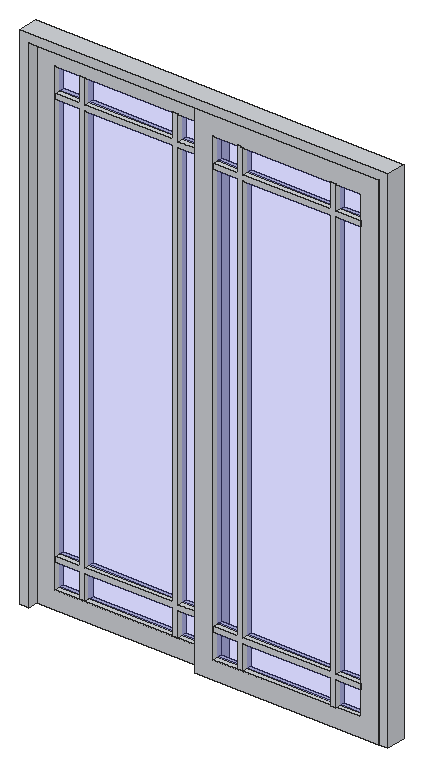
Revit family "双扇推拉门2", category 门, Revit 2018
Family settings
  主体 = 墙
  总是垂直 = 是
  加载时剪切的空心 = 否
  共享 = 否
  房间计算点 = 否
Parameters (values of type "1500 x 2100 mm")
  Visual Light Transmittance = 0.9
  Solar Heat Gain Coefficient = 0.78
  Rough Height = 高度  # 2100 mm
  构造类型 ID = ""
  传热系数(U) = 3.6886 W/(m²·K)
  玻璃 = none
  Rough Width = 宽度  # 1500 mm
  门嵌板材质 = none
  门扇顶梁宽度 = 75 mm
  功能 = 内部
  框架宽度 = 35 mm
  高度 = 2100 mm
  墙闭合 = 按主体
  宽度 = 1500 mm
  框架厚度 = 80 mm
  门扇侧边宽度 = 75 mm
  框架材质 = none
  门扇底梁宽度 = 75 mm
  分析构造 = 1/8 英寸 Pilkington 单层玻璃
Types (5, lengths in mm): name | 宽度
  (no name) | 1500
  1500 x 2100 mm | 1500
  1800 x 2100mm | 1800
  2100 x 2100mm | 2100
  2400 x 2100mm | 2400
Reference planes
  plane 1: y = 0
  plane 2 "中心(左/右)": x = 0
  plane 3 "左": x = -750
  plane 4 "右": x = 750
  plane 5: z = 2100
  plane 6 "外部": y = 75
  plane 7 "内部": y = -75
  plane 8: x = -715
  plane 9: x = 715
  plane 10: x = 640
  plane 11: x = -640
  plane 12: z = 2065
  plane 13: z = 1990
  plane 14: y = 40
  plane 15: y = -40
  plane 16: y = -20
  plane 17: y = 20
  plane 18: x = 37.5
  plane 19: x = -37.5
  plane 20: z = 75
  plane 21: z = 1879
  plane 22: z = 186
  plane 23: x = 529
  plane 24: x = 148.5
  plane 25: z = 1879
  plane 26: x = -148.5
  plane 27: x = -529
  plane 28: z = 186
  plane 29: y = 40
  plane 30: y = -40
  plane 31: x = -40
  plane 32: x = 40
  plane 33: z = 1032.5
  plane 34: x = 338.75
  plane 35: x = -338.75
Forms (mm)
  Sweep 1, solid, material <- "框架材质"
    path origin (0, 0, 0) x (1, 0, 0) y (0, 0, 1)
      loop
        line (750, 0) -> (750, 2100) -> (-750, 2100) -> (-750, 0)
    profile origin (0, 0, 1050) x (-1, 0, 0) y (0, -1, 0)
      loop
        line (-750, -40) -> (-715, -40) -> (-715, 40) -> (-750, 40) -> (-750, -40)
  Extrusion 2, solid, material <- "门嵌板材质"
    sketch origin (0, 0, 0) x (1, 0, 0) y (0, 0, 1)
      loop
        line (37.5, 2065) -> (-37.5, 2065) -> (-37.5, 0) -> (37.5, 0) -> (37.5, 2065)
      loop
        line (-640, 2065) -> (-715, 2065) -> (-715, 0) -> (-640, 0) -> (-640, 2065)
    from 0 to -40
  Extrusion 3, solid, material <- "门嵌板材质"
    sketch origin (0, 0, 0) x (1, 0, 0) y (0, 0, 1)
      loop
        line (-37.5, 2065) -> (-640, 2065) -> (-640, 1990) -> (-37.5, 1990) -> (-37.5, 2065)
      loop
        line (-37.5, 75) -> (-640, 75) -> (-640, 0) -> (-37.5, 0) -> (-37.5, 75)
    from 0 to -40
  Extrusion 4, solid, material <- "门嵌板材质"
    sketch origin (0, 0, 0) x (1, 0, 0) y (0, 0, 1)
      loop
        line (715, 2065) -> (640, 2065) -> (640, 0) -> (715, 0) -> (715, 2065)
      loop
        line (37.5, 2065) -> (-37.5, 2065) -> (-37.5, 0) -> (37.5, 0) -> (37.5, 2065)
    from 0 to 40
  Extrusion 5, solid, material <- "门嵌板材质"
    sketch origin (0, 0, 0) x (1, 0, 0) y (0, 0, 1)
      loop
        line (640, 2065) -> (37.5, 2065) -> (37.5, 1990) -> (640, 1990) -> (640, 2065)
      loop
        line (640, 75) -> (37.5, 75) -> (37.5, 0) -> (640, 0) -> (640, 75)
    from 0 to 40
  Extrusion 6, solid, material <- "门嵌板材质"
    sketch origin (0, -20, 0) x (1, 0, 0) y (0, 0, 1)
      loop
        line (640, 175) -> (640, 197) -> (540, 197) -> (540, 1868) -> (640, 1868) -> (640, 1890) -> (540, 1890) -> (540, 1990) -> (518, 1990) -> (518, 1890) -> (159.5, 1890) -> (159.5, 1990) -> (137.5, 1990) -> (137.5, 1890) -> (37.5, 1890) -> (37.5, 1868) -> (137.5, 1868) -> (137.5, 197) -> (37.5, 197) -> (37.5, 175) -> (137.5, 175) -> (137.5, 75) -> (159.5, 75) -> (159.5, 175) -> (518, 175) -> (518, 75) -> (540, 75) -> (540, 175) -> (640, 175)
      loop
        line (518, 1868) -> (159.5, 1868) -> (159.5, 197) -> (518, 197) -> (518, 1868)
    from -20 to 20
  Extrusion 7, solid, material <- "门嵌板材质"
    sketch origin (0, 0, 0) x (1, 0, 0) y (0, 0, 1)
      loop
        line (-159.5, 1990) -> (-159.5, 1890) -> (-518, 1890) -> (-518, 1990) -> (-540, 1990) -> (-540, 1890) -> (-640, 1890) -> (-640, 1868) -> (-540, 1868) -> (-540, 197) -> (-640, 197) -> (-640, 175) -> (-540, 175) -> (-540, 75) -> (-518, 75) -> (-518, 175) -> (-159.5, 175) -> (-159.5, 75) -> (-137.5, 75) -> (-137.5, 175) -> (-37.5, 175) -> (-37.5, 197) -> (-137.5, 197) -> (-137.5, 1868) -> (-37.5, 1868) -> (-37.5, 1890) -> (-137.5, 1890) -> (-137.5, 1990) -> (-159.5, 1990)
      loop
        line (-159.5, 197) -> (-159.5, 1868) -> (-518, 1868) -> (-518, 197) -> (-159.5, 197)
    from 0 to -40
  Extrusion 8, solid, material <- "玻璃"
    sketch origin (0, 20, 0) x (-1, 0, 0) y (0, 0, 1)
      loop
        line (37.5, 1990) -> (37.5, 1890) -> (137.5, 1890) -> (137.5, 1990) -> (37.5, 1990)
      loop
        line (159.5, 1990) -> (159.5, 1890) -> (518, 1890) -> (518, 1990) -> (159.5, 1990)
      loop
        line (540, 1990) -> (540, 1890) -> (640, 1890) -> (640, 1990) -> (540, 1990)
      loop
        line (37.5, 1868) -> (37.5, 197) -> (137.5, 197) -> (137.5, 1868) -> (37.5, 1868)
      loop
        line (159.5, 1868) -> (159.5, 197) -> (518, 197) -> (518, 1868) -> (159.5, 1868)
      loop
        line (540, 1868) -> (540, 197) -> (640, 197) -> (640, 1868) -> (540, 1868)
      loop
        line (37.5, 175) -> (37.5, 75) -> (137.5, 75) -> (137.5, 175) -> (37.5, 175)
      loop
        line (159.5, 175) -> (159.5, 75) -> (518, 75) -> (518, 175) -> (159.5, 175)
      loop
        line (540, 175) -> (540, 75) -> (640, 75) -> (640, 175) -> (540, 175)
    from -3 to 3
  Extrusion 9, solid, material <- "玻璃"
    sketch origin (0, -20, 0) x (1, 0, 0) y (0, 0, 1)
      loop
        line (640, 1990) -> (540, 1990) -> (540, 1890) -> (640, 1890) -> (640, 1990)
      loop
        line (518, 1990) -> (159.5, 1990) -> (159.5, 1890) -> (518, 1890) -> (518, 1990)
      loop
        line (137.5, 1990) -> (37.5, 1990) -> (37.5, 1890) -> (137.5, 1890) -> (137.5, 1990)
      loop
        line (137.5, 1868) -> (37.5, 1868) -> (37.5, 197) -> (137.5, 197) -> (137.5, 1868)
      loop
        line (518, 1868) -> (159.5, 1868) -> (159.5, 197) -> (518, 197) -> (518, 1868)
      loop
        line (640, 1868) -> (540, 1868) -> (540, 197) -> (640, 197) -> (640, 1868)
      loop
        line (640, 175) -> (540, 175) -> (540, 75) -> (640, 75) -> (640, 175)
      loop
        line (518, 175) -> (159.5, 175) -> (159.5, 75) -> (518, 75) -> (518, 175)
      loop
        line (137.5, 175) -> (37.5, 175) -> (37.5, 75) -> (137.5, 75) -> (137.5, 175)
    from -3 to 3
Cuts and joins
  joined: Extrusion 4, Extrusion 5
  joined: Extrusion 2, Extrusion 3
Lines and regions (mm)
  Opening 1
    outline origin (-3050, -75, 0) x (1, 0, 0) y (0, 0, 1)
      loop
        line (2300, 0) -> (3800, 0) -> (3800, 2100) -> (2300, 2100) -> (2300, 0)
  Masking region 1
    outline origin (0, 0, 0) x (1, 0, 0) y (0, 1, 0)
      loop
        line (-750, 40) -> (-750, 0) -> (-40, 0) -> (-40, -40) -> (750, -40) -> (750, 0) -> (40, 0) -> (40, 40) -> (-750, 40)
  Masking region 2
    outline origin (0, 0, 0) x (0, 1, 0) y (0, 0, 1)
      loop
        line (-75, 2100) -> (-75, 0) -> (75, 0) -> (75, 2100) -> (-75, 2100)
  symbolic lines, style "立面打开方向 - 实线"
    curve 1: line (488.75, 0, 1032.5) -> (188.75, 0, 1032.5)
    curve 2: line (188.75, 0, 1032.5) -> (282.719, 0, 1066.702)
    curve 3: line (188.75, 0, 1032.5) -> (282.719, 0, 998.298)
    curve 17: line (-488.75, 0, 1032.5) -> (-188.75, 0, 1032.5)
    curve 18: line (-188.75, 0, 1032.5) -> (-282.719, 0, 1066.702)
    curve 19: line (-188.75, 0, 1032.5) -> (-282.719, 0, 998.298)
  symbolic lines, style "平/剖面打开方向 - 实线"
    curve 4: line (-750, 40, 0) -> (40, 40, 0)
    curve 5: line (-750, 0, 0) -> (-750, 40, 0)
    curve 6: line (750, 0, 0) -> (-750, 0, 0)
    curve 7: line (40, 40, 0) -> (40, 0, 0)
    curve 8: line (-40, -40, 0) -> (-40, 0, 0)
    curve 9: line (750, -40, 0) -> (-40, -40, 0)
    curve 10: line (750, 0, 0) -> (750, -40, 0)
    curve 11: line (0, -75, 2100) -> (0, 75, 2100)
    curve 12: line (0, -75, 0) -> (0, -75, 2100)
    curve 13: line (0, 75, 0) -> (0, -75, 0)
    curve 14: line (0, 75, 2100) -> (0, 75, 0)
    curve 15: line (0, -20, 2100) -> (0, -20, 0)
    curve 16: line (0, 20, 0) -> (0, 20, 2100)
  symbolic lines, style "InvisibleLines"
    curve 20: line (0, -20, 2100) -> (0, -20, 0)
Text (mm)
  text "Exterior" at (-2295.016, 1099.543, 0), in view "参照标高"
  text "Exterior" at (0, 1615.38, 3698.081), in view "左"
  text "Exterior" at (0, 1036.032, 3874.932), in view "右"
Dimensions and locks
  equal spacing: plane 3 "左", plane 2 "中心(左/右)", plane 4 "右"
  "宽度": plane 3 "左" to plane 4 "右"
  "高度": plane 5 to host wall
  host wall to plane 5 = 2100 mm  (x2)
  locked: plane 6 "外部" to host wall at 0
  locked: plane 7 "内部" to host wall
  "门扇侧边宽度": plane 11 to plane 8
  "门扇侧边宽度": plane 9 to plane 10
  "框架宽度": plane 5 to plane 12
  "门扇顶梁宽度": plane 12 to plane 13
  "框架宽度": plane 3 "左" to plane 8
  equal spacing: plane 15, plane 1, plane 14
  "框架厚度": plane 15 to plane 14
  "框架宽度": plane 9 to plane 4 "右"
  equal spacing: plane 19, plane 2 "中心(左/右)", plane 18
  "门扇侧边宽度": plane 19 to plane 18
  "门扇底梁宽度": level to plane 20
  locked: plane 21 to plane 13 at 111
  locked: plane 23 to plane 10 at 111
  locked: plane 18 to plane 24 at 111
  locked: plane 20 to plane 22 at 111
  locked: plane 25 to plane 13 at 111
  locked: plane 19 to plane 26 at 111
  locked: plane 27 to plane 11 at 111
  locked: plane 20 to plane 28 at 111
  plane 29 to plane 1 to plane 30 = 40 mm locked, 40 mm locked
  plane 31 to plane 2 "中心(左/右)" to plane 32 = 40 mm locked, 40 mm locked
  plane 17 to plane 1 to plane 16 = 20 mm locked, 20 mm locked
  equal spacing: plane 20, plane 33, plane 13
  equal spacing: plane 10, plane 34, plane 18
  equal spacing: plane 11, plane 35, plane 19
  curve 3 to plane 34 to curve 1 = 150 mm locked, 150 mm locked
  curve 17 to plane 35 to curve 19 = 150 mm locked, 150 mm locked
  locked: curve 3 to curve 2 at 100
  locked: curve 3 to curve 3 at 100
  locked: curve 19 to curve 18 at 100
  locked: curve 19 to curve 19 at 100
  angle curve 2 to plane 33 = 20.00°
  locked: plane 33 to curve 3 (angle 20.00°)
  locked: plane 33 to curve 18 (angle 20.00°)
  locked: curve 19 to plane 33 (angle 20.00°)
  aligned and locked: plane 3 "左" to Opening 1 sketch curve
  aligned and locked: plane 5 to Opening 1 sketch curve  (x2)
  aligned and locked: Opening 1 sketch curve to plane 4 "右"
  aligned and locked: Opening 1 sketch curve to level
  aligned and locked: Sweep 1 sketch curve to host wall  (x4)
  aligned and locked: plane 4 "右" to Sweep 1 sketch curve
  aligned and locked: Sweep 1 sketch curve to plane 14
  aligned and locked: plane 15 to Sweep 1 sketch curve
  aligned and locked: Sweep 1 sketch curve to plane 9
  aligned and locked: plane 18 to Extrusion 2 sketch curve
  aligned and locked: Extrusion 2 sketch curve to plane 12  (x2)
  aligned and locked: plane 19 to Extrusion 2 sketch curve
  aligned and locked: plane 11 to Extrusion 2 sketch curve
  aligned and locked: Extrusion 2 sketch curve to Sweep 1
  aligned and locked: Extrusion 2 to Extrusion 3 sketch curve  (x2)
  aligned and locked: plane 13 to Extrusion 3 sketch curve
  aligned and locked: Extrusion 3 sketch curve to plane 11
  aligned and locked: Extrusion 4 sketch curve to Sweep 1  (x2)
  aligned and locked: Extrusion 4 sketch curve to plane 10
  aligned and locked: Extrusion 4 sketch curve to Extrusion 2  (x3)
  aligned and locked: Extrusion 4 to Extrusion 5 sketch curve  (x2)
  aligned and locked: plane 13 to Extrusion 5 sketch curve
  aligned and locked: plane 18 to Extrusion 5 sketch curve
  aligned and locked: plane 19 to Extrusion 3 sketch curve
  aligned and locked: Extrusion 3 sketch curve to plane 20
  aligned and locked: Extrusion 3 sketch curve to Extrusion 2
  aligned and locked: plane 10 to Extrusion 5 sketch curve
  aligned and locked: Extrusion 5 sketch curve to plane 20
  aligned and locked: Extrusion 5 sketch curve to Extrusion 2
  aligned and locked: plane 13 to Extrusion 6 sketch curve
  aligned and locked: Extrusion 6 sketch curve to plane 13  (x2)
  aligned and locked: plane 18 to Extrusion 6 sketch curve  (x2)
  aligned and locked: plane 20 to Extrusion 6 sketch curve  (x2)
  aligned and locked: plane 10 to Extrusion 6 sketch curve  (x2)
  aligned and locked: Extrusion 6 to host wall
  aligned and locked: plane 13 to Extrusion 7 sketch curve
  aligned and locked: Extrusion 7 sketch curve to plane 13
  aligned and locked: plane 19 to Extrusion 7 sketch curve
  aligned and locked: Extrusion 7 sketch curve to plane 11
  aligned and locked: plane 11 to Extrusion 7 sketch curve
  aligned and locked: plane 20 to Extrusion 7 sketch curve  (x2)
  aligned and locked: Extrusion 7 sketch curve to plane 19
  aligned and locked: Extrusion 3 to Extrusion 8 sketch curve
  aligned and locked: Extrusion 8 sketch curve to Extrusion 3  (x3)
  aligned and locked: Extrusion 8 sketch curve to Extrusion 7  (x24)
  aligned and locked: Extrusion 7 to Extrusion 8 sketch curve  (x8)
  aligned and locked: Extrusion 5 to Extrusion 9 sketch curve
  aligned and locked: Extrusion 9 sketch curve to Extrusion 5  (x3)
  aligned and locked: Extrusion 9 sketch curve to Extrusion 6  (x22)
  aligned and locked: Extrusion 6 to Extrusion 9 sketch curve  (x10)
  aligned and locked: Masking region 1 sketch curve to plane 29
  aligned and locked: Masking region 1 sketch curve to plane 3 "左"
  aligned and locked: Masking region 1 sketch curve to plane 1  (x2)
  aligned and locked: Masking region 1 sketch curve to plane 32
  aligned and locked: Masking region 1 sketch curve to plane 30
  aligned and locked: Masking region 1 sketch curve to plane 31
  aligned and locked: Masking region 1 sketch curve to host wall
  aligned and locked: curve 4 to plane 29
  aligned and locked: curve 5 to plane 3 "左"
  aligned and locked: curve 6 to plane 1
  aligned and locked: curve 7 to plane 32
  aligned and locked: plane 31 to curve 8
  aligned and locked: plane 30 to curve 9
  aligned and locked: plane 4 "右" to curve 10
  aligned and locked: Masking region 2 sketch curve to host wall  (x4)
  aligned and locked: curve 11 to host wall
  aligned and locked: curve 12 to host wall
  aligned and locked: curve 13 to host wall
  aligned and locked: curve 14 to host wall
  aligned and locked: plane 16 to curve 15
  aligned and locked: plane 17 to curve 16
  aligned and locked: curve 1 to plane 33
  aligned and locked: plane 33 to curve 17
  aligned and locked: plane 33 to curve 2
  aligned and locked: plane 33 to curve 18
  aligned and locked: plane 2 "中心(左/右)" to curve 20
Automatic sketch dimensions
  Sweep 1 sketch curve to level = 0 mm
  Extrusion 4 sketch curve to level = 0 mm  (x2)
  Extrusion 2 sketch curve to level = 0 mm  (x2)
  Extrusion 3 sketch curve to plane 11 = 0 mm
  Extrusion 5 sketch curve to plane 18 = 0 mm
  plane 24 to Extrusion 6 sketch curve = 11 mm  (x3)
  Extrusion 6 sketch curve to plane 24 = 11 mm  (x3)
  plane 23 to Extrusion 6 sketch curve = 11 mm  (x3)
  Extrusion 6 sketch curve to plane 23 = 11 mm  (x3)
  plane 22 to Extrusion 6 sketch curve = 11 mm  (x3)
  Extrusion 6 sketch curve to plane 22 = 11 mm  (x3)
  plane 21 to Extrusion 6 sketch curve = 11 mm  (x3)
  Extrusion 6 sketch curve to plane 21 = 11 mm  (x3)
  Extrusion 7 sketch curve to plane 27 = 11 mm  (x3)
  plane 27 to Extrusion 7 sketch curve = 11 mm  (x3)
  Extrusion 7 sketch curve to plane 26 = 11 mm  (x3)
  plane 26 to Extrusion 7 sketch curve = 11 mm  (x3)
  Extrusion 7 sketch curve to plane 28 = 11 mm  (x3)
  plane 28 to Extrusion 7 sketch curve = 11 mm  (x3)
  Extrusion 7 sketch curve to plane 25 = 11 mm  (x3)
  plane 25 to Extrusion 7 sketch curve = 11 mm  (x3)
  Masking region 1 sketch curve to plane 29 = 0 mm
  curve 20 to level = 0 mm
  curve 20 to plane 5 = 0 mm
